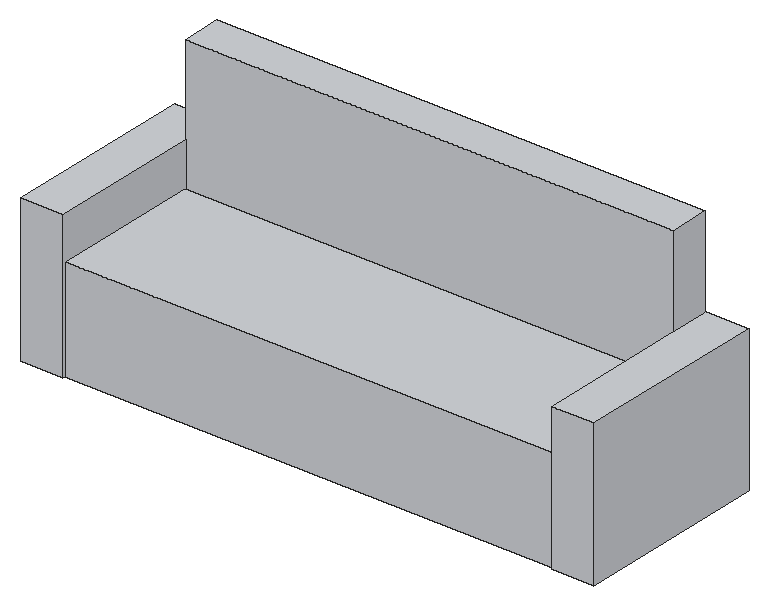
Revit family "Sofa", category 家具, Revit 2025
Family settings
  OmniClass 编号 = 23.40.20.00
  OmniClass 标题 = General Furniture and Specialties
  基于工作平面 = 否
  视图中启用分割 = 否
  总是垂直 = 是
  载入时剪切的空心 = 否
  渲染外观源 = 族几何图形
  共享 = 否
  房间计算点 = 否
Parameters
  默认高程 = 0 mm
Reference planes
  plane 1 "中心(前/后)": y = 0
  plane 2: z = 0
  plane 3 "中心(左/右)": x = 0
  plane 4: x = -1338
  plane 5: x = 1338
  plane 6: y = 450
  plane 7: y = -450
  plane 8: x = -1138
  plane 9: x = 1138
  plane 10: y = 250
Forms (mm)
  Extrusion 1, solid
    sketch origin (4.323, -203.165, 0) x (-1, 0, 0) y (0, -1, 0)
      loop
        line (-1138, 250) -> (-1138, -450) -> (1138, -450) -> (1138, 250) -> (-1138, 250)
    from 0 to 480
  Extrusion 2, solid
    sketch origin (8.39, -13.165, 0) x (-1, 0, 0) y (0, -1, 0)
      loop
        line (-1335.933, 450) -> (-1335.933, -450) -> (-1138, -450) -> (-1138, 450) -> (-1335.933, 450)
    from 0 to 680
  Extrusion 3, solid
    sketch origin (2.323, -13.165, 0) x (-1, 0, 0) y (0, -1, 0)
      loop
        line (1138, 450) -> (1138, -450) -> (1338, -450) -> (1338, 450) -> (1138, 450)
    from 0 to 680
  Extrusion 4, solid
    sketch origin (4.323, -203.165, 0) x (-1, 0, 0) y (0, -1, 0)
      loop
        line (-1138, -456.009) -> (-1138, -640) -> (1140, -640) -> (1140, -456.009) -> (-1138, -456.009)
    from 0 to 1100
Dimensions and locks
  aligned and locked: level to plane 2
